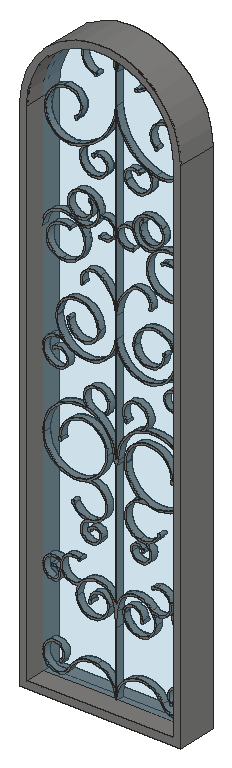
Revit family "Decorative", category Windows, host Wall, Revit 2013 (continued)
Automatic sketch dimensions
  Extrusion 9 sketch curve to Extrusion 9 sketch curve = 0' - 0 11/16"
  plane 3 "Center (Left/Right)" to Extrusion 9 sketch curve = 0' - 1.12424"
  Extrusion 9 sketch curve to Extrusion 9 sketch curve = 0' - 0.23537"
  Extrusion 10 sketch curve to Extrusion 10 sketch curve = 0' - 0"  (x12)
  Extrusion 10 sketch curve to plane 4 "Left" = 0' - 5.5075"
  Extrusion 10 sketch curve to Extrusion 10 sketch curve = 0' - 0.02116"
  Extrusion 10 sketch curve to Extrusion 10 sketch curve = 0' - 0.20443"
  Extrusion 10 sketch curve to plane 4 "Left" = 0' - 5 7/8"
  Extrusion 10 sketch curve to Extrusion 10 sketch curve = 0' - 1.94918"
  Extrusion 10 sketch curve to Extrusion 10 sketch curve = 0' - 0.51824"
  Extrusion 10 sketch curve to Extrusion 10 sketch curve = 0' - 0.68487"
  Extrusion 10 sketch curve to Extrusion 10 sketch curve = 0' - 0.54156"
  Extrusion 10 sketch curve to Extrusion 10 sketch curve = 0' - 0.05399"
  Extrusion 10 sketch curve to plane 6 "Sill" = 1' - 11.49957"
  Extrusion 10 sketch curve to Extrusion 10 sketch curve = 0' - 0.2441"
  Extrusion 10 sketch curve to Extrusion 10 sketch curve = 0' - 1.26013"
  Extrusion 11 sketch curve to Extrusion 11 sketch curve = 0' - 0"  (x6)
  Extrusion 11 sketch curve to plane 3 "Center (Left/Right)" = 0' - 4.55003"
  Extrusion 11 sketch curve to Extrusion 11 sketch curve = 0' - 0.52644"
  Extrusion 11 sketch curve to Extrusion 11 sketch curve = 0' - 0.01605"
  Extrusion 11 sketch curve to Extrusion 11 sketch curve = 0' - 0.54612"
  Extrusion 11 sketch curve to Extrusion 11 sketch curve = 0' - 0.22187"
  Extrusion 11 sketch curve to Extrusion 11 sketch curve = 0' - 0.06506"
  Extrusion 11 sketch curve to Extrusion 11 sketch curve = 0' - 0.56891"
  Extrusion 11 sketch curve to Extrusion 11 sketch curve = 0' - 0.75482"
  Extrusion 11 sketch curve to Extrusion 11 sketch curve = 0' - 0.24506"
  Extrusion 11 sketch curve to plane 6 "Sill" = 1' - 9.79404"
  Extrusion 11 sketch curve to Extrusion 11 sketch curve = 0' - 0.04948"
  Extrusion 12 sketch curve to Extrusion 12 sketch curve = 0' - 0"  (x9)
  Extrusion 12 sketch curve to plane 3 "Center (Left/Right)" = 0' - 0 1/8"
  plane 6 "Sill" to Extrusion 12 sketch curve = 2' - 8.42107"
  Extrusion 12 sketch curve to plane 5 "Right" = 0' - 1"
  Extrusion 12 sketch curve to Extrusion 12 sketch curve = 0' - 0 1/4"
  Extrusion 12 sketch curve to Extrusion 12 sketch curve = 0' - 2 1/4"
  Extrusion 12 sketch curve to Extrusion 12 sketch curve = 0' - 0 1/8"
  Extrusion 12 sketch curve to Extrusion 12 sketch curve = 0' - 0 9/16"
  Extrusion 12 sketch curve to Extrusion 12 sketch curve = 0' - 0 11/16"
  plane 3 "Center (Left/Right)" to Extrusion 12 sketch curve = 0' - 1.12424"
  Extrusion 12 sketch curve to Extrusion 12 sketch curve = 0' - 0.23537"
  Extrusion 13 sketch curve to Extrusion 13 sketch curve = 0' - 0"  (x12)
  Extrusion 13 sketch curve to plane 5 "Right" = 0' - 5.5075"
  Extrusion 13 sketch curve to Extrusion 13 sketch curve = 0' - 0.02116"
  Extrusion 13 sketch curve to Extrusion 13 sketch curve = 0' - 0.20443"
  Extrusion 13 sketch curve to plane 5 "Right" = 0' - 5 7/8"
  Extrusion 13 sketch curve to Extrusion 13 sketch curve = 0' - 1.94918"
  Extrusion 13 sketch curve to Extrusion 13 sketch curve = 0' - 0.51824"
  Extrusion 13 sketch curve to Extrusion 13 sketch curve = 0' - 0.68487"
  Extrusion 13 sketch curve to Extrusion 13 sketch curve = 0' - 0.54156"
  Extrusion 13 sketch curve to Extrusion 13 sketch curve = 0' - 0.05399"
  plane 6 "Sill" to Extrusion 13 sketch curve = 1' - 11.49957"
  Extrusion 13 sketch curve to Extrusion 13 sketch curve = 0' - 0.2441"
  Extrusion 13 sketch curve to Extrusion 13 sketch curve = 0' - 1.26013"
  Extrusion 14 sketch curve to Extrusion 14 sketch curve = 0' - 0"  (x6)
  Extrusion 14 sketch curve to plane 3 "Center (Left/Right)" = 0' - 4.55003"
  Extrusion 14 sketch curve to Extrusion 14 sketch curve = 0' - 0.52644"
  Extrusion 14 sketch curve to Extrusion 14 sketch curve = 0' - 0.01605"
  Extrusion 14 sketch curve to Extrusion 14 sketch curve = 0' - 0.54612"
  Extrusion 14 sketch curve to Extrusion 14 sketch curve = 0' - 0.22187"
  Extrusion 14 sketch curve to Extrusion 14 sketch curve = 0' - 0.06506"
  Extrusion 14 sketch curve to Extrusion 14 sketch curve = 0' - 0.56891"
  Extrusion 14 sketch curve to Extrusion 14 sketch curve = 0' - 0.75482"
  Extrusion 14 sketch curve to Extrusion 14 sketch curve = 0' - 0.24506"
  plane 6 "Sill" to Extrusion 14 sketch curve = 1' - 9.79404"
  Extrusion 14 sketch curve to Extrusion 14 sketch curve = 0' - 0.04948"
  Extrusion 15 sketch curve to Extrusion 15 sketch curve = 0' - 0"  (x3)
  plane 3 "Center (Left/Right)" to Extrusion 15 sketch curve = 0' - 0 1/8"
  Extrusion 15 sketch curve to plane 7 "Top" = 0' - 7.17825"
  Extrusion 15 sketch curve to plane 3 "Center (Left/Right)" = 0' - 1.56308"
  Extrusion 15 sketch curve to Extrusion 15 sketch curve = 0' - 0.24995"
  Extrusion 15 sketch curve to Extrusion 15 sketch curve = 0' - 2.28059"
  Extrusion 15 sketch curve to Extrusion 15 sketch curve = 0' - 0.37973"
  Extrusion 15 sketch curve to Extrusion 15 sketch curve = 0' - 0.19831"  (x2)
  Extrusion 15 sketch curve to Extrusion 15 sketch curve = 0' - 0.91747"
  Extrusion 15 sketch curve to Extrusion 15 sketch curve = 0' - 1.59981"
  Extrusion 16 sketch curve to Extrusion 16 sketch curve = 0' - 0"  (x3)
  plane 3 "Center (Left/Right)" to Extrusion 16 sketch curve = 0' - 0 1/8"
  plane 7 "Top" to Extrusion 16 sketch curve = 0' - 7.17825"
  Extrusion 16 sketch curve to plane 3 "Center (Left/Right)" = 0' - 1.56308"
  Extrusion 16 sketch curve to Extrusion 16 sketch curve = 0' - 0.24995"
  Extrusion 16 sketch curve to Extrusion 16 sketch curve = 0' - 2.28059"
  Extrusion 16 sketch curve to Extrusion 16 sketch curve = 0' - 0.37973"
  Extrusion 16 sketch curve to Extrusion 16 sketch curve = 0' - 0.19831"  (x2)
  Extrusion 16 sketch curve to Extrusion 16 sketch curve = 0' - 0.91747"
  Extrusion 16 sketch curve to Extrusion 16 sketch curve = 0' - 1.59981"
  Extrusion 17 sketch curve to Extrusion 17 sketch curve = 0' - 0"  (x8)
  Extrusion 17 sketch curve to plane 3 "Center (Left/Right)" = 0' - 0 1/8"
  plane 7 "Top" to Extrusion 17 sketch curve = 2' - 6.05595"
  Extrusion 17 sketch curve to plane 4 "Left" = 0' - 2.96662"
  Extrusion 17 sketch curve to Extrusion 17 sketch curve = 0' - 0 1/4"
  Extrusion 17 sketch curve to Extrusion 17 sketch curve = 0' - 1 1/2"
  Extrusion 17 sketch curve to Extrusion 17 sketch curve = 0' - 0 1/8"
  Extrusion 17 sketch curve to Extrusion 17 sketch curve = 0' - 1 1/4"
  Extrusion 17 sketch curve to Extrusion 17 sketch curve = 0' - 0.45419"
  Extrusion 17 sketch curve to Extrusion 17 sketch curve = 0' - 0.18175"
  Extrusion 18 sketch curve to Extrusion 18 sketch curve = 0' - 0"  (x6)
  Extrusion 18 sketch curve to plane 4 "Left" = 0' - 2.67555"
  Extrusion 18 sketch curve to Extrusion 18 sketch curve = 0' - 0.09805"
  Extrusion 18 sketch curve to Extrusion 18 sketch curve = 0' - 0.219"
  Extrusion 18 sketch curve to Extrusion 18 sketch curve = 0' - 0.32798"
  Extrusion 18 sketch curve to Extrusion 18 sketch curve = 0' - 0.25321"
  Extrusion 18 sketch curve to Extrusion 18 sketch curve = 0' - 0.39238"
  Extrusion 18 sketch curve to Extrusion 18 sketch curve = 0' - 1.11383"
  Extrusion 18 sketch curve to Extrusion 18 sketch curve = 0' - 0.08166"
  Extrusion 18 sketch curve to Extrusion 18 sketch curve = 0' - 0.41342"
  Extrusion 18 sketch curve to Extrusion 18 sketch curve = 0' - 2.56081"
  plane 7 "Top" to Extrusion 18 sketch curve = 2' - 11 35/64"
  Extrusion 18 sketch curve to Extrusion 18 sketch curve = 0' - 0.23629"
  Extrusion 19 sketch curve to Extrusion 19 sketch curve = 0' - 0"  (x8)
  Extrusion 19 sketch curve to plane 3 "Center (Left/Right)" = 0' - 0 1/8"
  Extrusion 19 sketch curve to plane 7 "Top" = 2' - 6.05595"
  Extrusion 19 sketch curve to plane 5 "Right" = 0' - 2.96662"
  Extrusion 19 sketch curve to Extrusion 19 sketch curve = 0' - 0 1/4"
  Extrusion 19 sketch curve to Extrusion 19 sketch curve = 0' - 1 1/2"
  Extrusion 19 sketch curve to Extrusion 19 sketch curve = 0' - 0 1/8"
  Extrusion 19 sketch curve to Extrusion 19 sketch curve = 0' - 1 1/4"
  Extrusion 19 sketch curve to Extrusion 19 sketch curve = 0' - 0.45419"
  Extrusion 19 sketch curve to Extrusion 19 sketch curve = 0' - 0.18175"
  Extrusion 20 sketch curve to Extrusion 20 sketch curve = 0' - 0"  (x6)
  Extrusion 20 sketch curve to plane 5 "Right" = 0' - 2.67555"
  Extrusion 20 sketch curve to Extrusion 20 sketch curve = 0' - 0.09805"
  Extrusion 20 sketch curve to Extrusion 20 sketch curve = 0' - 0.219"
  Extrusion 20 sketch curve to Extrusion 20 sketch curve = 0' - 0.32798"
  Extrusion 20 sketch curve to Extrusion 20 sketch curve = 0' - 0.25321"
  Extrusion 20 sketch curve to Extrusion 20 sketch curve = 0' - 0.39238"
  Extrusion 20 sketch curve to Extrusion 20 sketch curve = 0' - 1.11383"
  Extrusion 20 sketch curve to Extrusion 20 sketch curve = 0' - 0.08166"
  Extrusion 20 sketch curve to Extrusion 20 sketch curve = 0' - 0.41342"
  Extrusion 20 sketch curve to Extrusion 20 sketch curve = 0' - 2.56081"
  Extrusion 20 sketch curve to plane 7 "Top" = 2' - 11 35/64"
  Extrusion 20 sketch curve to Extrusion 20 sketch curve = 0' - 0.23629"
  Extrusion 21 sketch curve to Extrusion 21 sketch curve = 0' - 0"  (x2)
  Extrusion 21 sketch curve to plane 3 "Center (Left/Right)" = 0' - 5 9/16"
  Extrusion 21 sketch curve to plane 3 "Center (Left/Right)" = 0' - 4.38962"
  Extrusion 21 sketch curve to Extrusion 21 sketch curve = 0' - 0 177/256"
  Extrusion 21 sketch curve to Extrusion 21 sketch curve = 0' - 0.74783"
  Extrusion 21 sketch curve to plane 3 "Center (Left/Right)" = 0' - 1.52489"
  Extrusion 21 sketch curve to Extrusion 21 sketch curve = 0' - 0.01951"
  Extrusion 21 sketch curve to Extrusion 21 sketch curve = 0' - 0.18695"
  Extrusion 21 sketch curve to plane 6 "Sill" = 2' - 9 1/4"
  Extrusion 21 sketch curve to Extrusion 21 sketch curve = 0' - 5.10792"
  Extrusion 21 sketch curve to Extrusion 21 sketch curve = 0' - 0.38925"
  Extrusion 22 sketch curve to Extrusion 22 sketch curve = 0' - 0"  (x2)
  Extrusion 22 sketch curve to plane 3 "Center (Left/Right)" = 0' - 5 9/16"
  Extrusion 22 sketch curve to plane 3 "Center (Left/Right)" = 0' - 4.38962"
  Extrusion 22 sketch curve to Extrusion 22 sketch curve = 0' - 0 177/256"
  Extrusion 22 sketch curve to Extrusion 22 sketch curve = 0' - 0.74783"
  Extrusion 22 sketch curve to plane 3 "Center (Left/Right)" = 0' - 1.52489"
  Extrusion 22 sketch curve to Extrusion 22 sketch curve = 0' - 0.01951"
  Extrusion 22 sketch curve to Extrusion 22 sketch curve = 0' - 0.18695"
  plane 6 "Sill" to Extrusion 22 sketch curve = 2' - 9 1/4"
  Extrusion 22 sketch curve to Extrusion 22 sketch curve = 0' - 5.10792"
  Extrusion 22 sketch curve to Extrusion 22 sketch curve = 0' - 0.38925"
  Extrusion 23 sketch curve to Extrusion 23 sketch curve = 0' - 0"  (x6)
  plane 5 "Right" to Extrusion 23 sketch curve = 0' - 1"
  plane 7 "Top" to Extrusion 23 sketch curve = 1' - 5 1/4"
  Extrusion 23 sketch curve to Extrusion 23 sketch curve = 0' - 4.08144"
  Extrusion 23 sketch curve to Extrusion 23 sketch curve = 0' - 0.08319"
  Extrusion 23 sketch curve to Extrusion 23 sketch curve = 0' - 0.17662"
  Extrusion 23 sketch curve to Extrusion 23 sketch curve = 0' - 0.7908"
  Extrusion 23 sketch curve to Extrusion 23 sketch curve = 0' - 0.06035"
  Extrusion 23 sketch curve to Extrusion 23 sketch curve = 0' - 0.16113"
  Extrusion 23 sketch curve to Extrusion 23 sketch curve = 0' - 0.01769"
  Extrusion 23 sketch curve to Extrusion 23 sketch curve = 0' - 0.99225"
  Extrusion 24 sketch curve to Extrusion 24 sketch curve = 0' - 0"  (x6)
  plane 3 "Center (Left/Right)" to Extrusion 24 sketch curve = 0' - 3.76289"
  Extrusion 24 sketch curve to Extrusion 24 sketch curve = 0' - 0.19222"
  Extrusion 24 sketch curve to Extrusion 24 sketch curve = 0' - 0.01705"
  Extrusion 24 sketch curve to Extrusion 24 sketch curve = 0' - 0.92437"
  Extrusion 24 sketch curve to Extrusion 24 sketch curve = 0' - 0.45063"
  Extrusion 24 sketch curve to Extrusion 24 sketch curve = 0' - 0.50203"
  Extrusion 24 sketch curve to Extrusion 24 sketch curve = 0' - 0.48244"
  Extrusion 24 sketch curve to Extrusion 24 sketch curve = 0' - 1 3/8"
  Extrusion 24 sketch curve to Extrusion 24 sketch curve = 0' - 0.20927"
  Extrusion 24 sketch curve to Extrusion 24 sketch curve = 0' - 2.00498"
  plane 7 "Top" to Extrusion 24 sketch curve = 1' - 5.57419"
  Extrusion 24 sketch curve to Extrusion 24 sketch curve = 0' - 2.28974"
  Extrusion 25 sketch curve to Extrusion 25 sketch curve = 0' - 0"  (x2)
  plane 3 "Center (Left/Right)" to Extrusion 25 sketch curve = 0' - 1.7607"
  Extrusion 25 sketch curve to Extrusion 25 sketch curve = 0' - 0.52446"
  Extrusion 25 sketch curve to Extrusion 25 sketch curve = 0' - 0.09414"
  Extrusion 25 sketch curve to Extrusion 25 sketch curve = 0' - 0.07674"
  Extrusion 25 sketch curve to Extrusion 25 sketch curve = 0' - 0.70932"
  Extrusion 25 sketch curve to Extrusion 25 sketch curve = 0' - 0.03819"
  Extrusion 25 sketch curve to Extrusion 25 sketch curve = 0' - 2.42652"
  plane 7 "Top" to Extrusion 25 sketch curve = 1' - 4.05605"
  Extrusion 25 sketch curve to Extrusion 25 sketch curve = 0' - 0.16613"
  Extrusion 25 sketch curve to Extrusion 25 sketch curve = 0' - 1.2902"
  Extrusion 26 sketch curve to Extrusion 26 sketch curve = 0' - 0"  (x6)
  plane 4 "Left" to Extrusion 26 sketch curve = 0' - 1"
  Extrusion 26 sketch curve to plane 7 "Top" = 1' - 5 1/4"
  Extrusion 26 sketch curve to Extrusion 26 sketch curve = 0' - 4.08144"
  Extrusion 26 sketch curve to Extrusion 26 sketch curve = 0' - 0.08319"
  Extrusion 26 sketch curve to Extrusion 26 sketch curve = 0' - 0.17662"
  Extrusion 26 sketch curve to Extrusion 26 sketch curve = 0' - 0.7908"
  Extrusion 26 sketch curve to Extrusion 26 sketch curve = 0' - 0.06035"
  Extrusion 26 sketch curve to Extrusion 26 sketch curve = 0' - 0.16113"
  Extrusion 26 sketch curve to Extrusion 26 sketch curve = 0' - 0.01769"
  Extrusion 26 sketch curve to Extrusion 26 sketch curve = 0' - 0.99225"
  Extrusion 27 sketch curve to Extrusion 27 sketch curve = 0' - 0"  (x6)
  plane 3 "Center (Left/Right)" to Extrusion 27 sketch curve = 0' - 3.76289"
  Extrusion 27 sketch curve to Extrusion 27 sketch curve = 0' - 0.19222"
  Extrusion 27 sketch curve to Extrusion 27 sketch curve = 0' - 0.01705"
  Extrusion 27 sketch curve to Extrusion 27 sketch curve = 0' - 0.92437"
  Extrusion 27 sketch curve to Extrusion 27 sketch curve = 0' - 0.45063"
  Extrusion 27 sketch curve to Extrusion 27 sketch curve = 0' - 0.50203"
  Extrusion 27 sketch curve to Extrusion 27 sketch curve = 0' - 0.48244"
  Extrusion 27 sketch curve to Extrusion 27 sketch curve = 0' - 1 3/8"
  Extrusion 27 sketch curve to Extrusion 27 sketch curve = 0' - 0.20927"
  Extrusion 27 sketch curve to Extrusion 27 sketch curve = 0' - 2.00498"
  Extrusion 27 sketch curve to plane 7 "Top" = 1' - 5.57419"
  Extrusion 27 sketch curve to Extrusion 27 sketch curve = 0' - 2.28974"
  Extrusion 28 sketch curve to Extrusion 28 sketch curve = 0' - 0"  (x2)
  plane 3 "Center (Left/Right)" to Extrusion 28 sketch curve = 0' - 1.7607"
  Extrusion 28 sketch curve to Extrusion 28 sketch curve = 0' - 0.52446"
  Extrusion 28 sketch curve to Extrusion 28 sketch curve = 0' - 0.09414"
  Extrusion 28 sketch curve to Extrusion 28 sketch curve = 0' - 0.07674"
  Extrusion 28 sketch curve to Extrusion 28 sketch curve = 0' - 0.70932"
  Extrusion 28 sketch curve to Extrusion 28 sketch curve = 0' - 0.03819"
  Extrusion 28 sketch curve to Extrusion 28 sketch curve = 0' - 2.42652"
  Extrusion 28 sketch curve to plane 7 "Top" = 1' - 4.05605"
  Extrusion 28 sketch curve to Extrusion 28 sketch curve = 0' - 0.16613"
  Extrusion 28 sketch curve to Extrusion 28 sketch curve = 0' - 1.2902"
  Extrusion 29 sketch curve to Extrusion 29 sketch curve = 0' - 0"  (x6)
  Extrusion 29 sketch curve to plane 3 "Center (Left/Right)" = 0' - 0 1/8"
  plane 7 "Top" to Extrusion 29 sketch curve = 2' - 1 1/2"
  Extrusion 29 sketch curve to Extrusion 29 sketch curve = 0' - 5.73879"
  Extrusion 29 sketch curve to Extrusion 29 sketch curve = 0' - 0.61019"
  Extrusion 29 sketch curve to Extrusion 29 sketch curve = 0' - 0.15004"
  Extrusion 29 sketch curve to Extrusion 29 sketch curve = 0' - 0.09596"
  Extrusion 29 sketch curve to Extrusion 29 sketch curve = 0' - 1.58902"
  Extrusion 29 sketch curve to Extrusion 29 sketch curve = 0' - 0.95512"
  Extrusion 29 sketch curve to Extrusion 29 sketch curve = 0' - 0.14787"
  Extrusion 29 sketch curve to Extrusion 29 sketch curve = 0' - 1.40489"
  Extrusion 30 sketch curve to Extrusion 30 sketch curve = 0' - 0"  (x6)
  Extrusion 30 sketch curve to plane 3 "Center (Left/Right)" = 0' - 0 1/8"
  Extrusion 30 sketch curve to plane 7 "Top" = 2' - 1 1/2"
  Extrusion 30 sketch curve to Extrusion 30 sketch curve = 0' - 5.73879"
  Extrusion 30 sketch curve to Extrusion 30 sketch curve = 0' - 0.61019"
  Extrusion 30 sketch curve to Extrusion 30 sketch curve = 0' - 0.15004"
  Extrusion 30 sketch curve to Extrusion 30 sketch curve = 0' - 0.09596"
  Extrusion 30 sketch curve to Extrusion 30 sketch curve = 0' - 1.58902"
  Extrusion 30 sketch curve to Extrusion 30 sketch curve = 0' - 0.95512"
  Extrusion 30 sketch curve to Extrusion 30 sketch curve = 0' - 0.14787"
  Extrusion 30 sketch curve to Extrusion 30 sketch curve = 0' - 1.40489"
  Extrusion 31 sketch curve to Extrusion 31 sketch curve = 0' - 0"  (x9)
  Extrusion 31 sketch curve to plane 3 "Center (Left/Right)" = 0' - 0 1/8"
  Extrusion 31 sketch curve to plane 7 "Top" = 0' - 0.87295"
  Extrusion 31 sketch curve to plane 4 "Left" = 0' - 4.1257"
  Extrusion 31 sketch curve to Extrusion 31 sketch curve = 0' - 0.06068"
  Extrusion 31 sketch curve to Extrusion 31 sketch curve = 0' - 0.06066"
  Extrusion 31 sketch curve to plane 7 "Top" = 0' - 0.4833"
  Extrusion 31 sketch curve to Extrusion 31 sketch curve = 0' - 0.47315"
  plane 7 "Top" to Extrusion 31 sketch curve = 0' - 1.14149"
  Extrusion 31 sketch curve to Extrusion 31 sketch curve = 0' - 0.40635"
  Extrusion 31 sketch curve to Extrusion 31 sketch curve = 0' - 0.87951"
  Extrusion 31 sketch curve to Extrusion 31 sketch curve = 0' - 0.93262"
  Extrusion 31 sketch curve to Extrusion 31 sketch curve = 0' - 0.06578"
  Extrusion 31 sketch curve to Extrusion 31 sketch curve = 0' - 0.1768"
  Extrusion 32 sketch curve to Extrusion 32 sketch curve = 0' - 0"  (x6)
  Extrusion 32 sketch curve to plane 4 "Left" = 0' - 4.1257"
  Extrusion 32 sketch curve to plane 3 "Center (Left/Right)" = 0' - 5.02022"
  Extrusion 32 sketch curve to Extrusion 32 sketch curve = 0' - 0.83496"
  Extrusion 32 sketch curve to Extrusion 32 sketch curve = 0' - 0.8155"
  Extrusion 32 sketch curve to Extrusion 32 sketch curve = 0' - 0.09206"
  Extrusion 32 sketch curve to Extrusion 32 sketch curve = 0' - 0.12976"
  Extrusion 32 sketch curve to Extrusion 32 sketch curve = 0' - 0.24516"
  Extrusion 32 sketch curve to Extrusion 32 sketch curve = 0' - 0.69764"
  Extrusion 32 sketch curve to Extrusion 32 sketch curve = 0' - 1.04645"
  Extrusion 32 sketch curve to Extrusion 32 sketch curve = 0' - 0.22177"
  plane 7 "Top" to Extrusion 32 sketch curve = 0' - 7.00547"
  Extrusion 32 sketch curve to Extrusion 32 sketch curve = 0' - 0.1154"
  Extrusion 33 sketch curve to Extrusion 33 sketch curve = 0' - 0"  (x9)
  Extrusion 33 sketch curve to plane 3 "Center (Left/Right)" = 0' - 0 1/8"
  plane 7 "Top" to Extrusion 33 sketch curve = 0' - 0.87295"
  Extrusion 33 sketch curve to plane 5 "Right" = 0' - 4.1257"
  Extrusion 33 sketch curve to Extrusion 33 sketch curve = 0' - 0.06068"
  Extrusion 33 sketch curve to Extrusion 33 sketch curve = 0' - 0.06066"
  plane 7 "Top" to Extrusion 33 sketch curve = 0' - 0.4833"
  Extrusion 33 sketch curve to Extrusion 33 sketch curve = 0' - 0.47315"
  Extrusion 33 sketch curve to plane 7 "Top" = 0' - 1.14149"
  Extrusion 33 sketch curve to Extrusion 33 sketch curve = 0' - 0.40635"
  Extrusion 33 sketch curve to Extrusion 33 sketch curve = 0' - 0.87951"
  Extrusion 33 sketch curve to Extrusion 33 sketch curve = 0' - 0.93262"
  Extrusion 33 sketch curve to Extrusion 33 sketch curve = 0' - 0.06578"
  Extrusion 33 sketch curve to Extrusion 33 sketch curve = 0' - 0.1768"
  Extrusion 34 sketch curve to Extrusion 34 sketch curve = 0' - 0"  (x6)
  Extrusion 34 sketch curve to plane 5 "Right" = 0' - 4.1257"
  Extrusion 34 sketch curve to plane 3 "Center (Left/Right)" = 0' - 5.02022"
  Extrusion 34 sketch curve to Extrusion 34 sketch curve = 0' - 0.83496"
  Extrusion 34 sketch curve to Extrusion 34 sketch curve = 0' - 0.8155"
  Extrusion 34 sketch curve to Extrusion 34 sketch curve = 0' - 0.09206"
  Extrusion 34 sketch curve to Extrusion 34 sketch curve = 0' - 0.12976"
  Extrusion 34 sketch curve to Extrusion 34 sketch curve = 0' - 0.24516"
  Extrusion 34 sketch curve to Extrusion 34 sketch curve = 0' - 0.69764"
  Extrusion 34 sketch curve to Extrusion 34 sketch curve = 0' - 1.04645"
  Extrusion 34 sketch curve to Extrusion 34 sketch curve = 0' - 0.22177"
  Extrusion 34 sketch curve to plane 7 "Top" = 0' - 7.00547"
  Extrusion 34 sketch curve to Extrusion 34 sketch curve = 0' - 0.1154"
  Extrusion 35 sketch curve to Extrusion 35 sketch curve = 0' - 0"  (x2)
  plane 3 "Center (Left/Right)" to Extrusion 35 sketch curve = 0' - 0 1/8"
  Extrusion 35 sketch curve to plane 6 "Sill" = 0' - 1"
  plane 5 "Right" to Extrusion 35 sketch curve = 0' - 1"
  plane 3 "Center (Left/Right)" to Extrusion 35 sketch curve = 0' - 2.89548"
  Extrusion 35 sketch curve to plane 6 "Sill" = 0' - 1.07505"
  Extrusion 35 sketch curve to Extrusion 35 sketch curve = 0' - 0.78807"
  Extrusion 35 sketch curve to plane 6 "Sill" = 0' - 2.81195"
  Extrusion 35 sketch curve to Extrusion 35 sketch curve = 0' - 2.01155"
  Extrusion 35 sketch curve to Extrusion 35 sketch curve = 0' - 2.57105"
  Extrusion 36 sketch curve to Extrusion 36 sketch curve = 0' - 0"  (x2)
  plane 3 "Center (Left/Right)" to Extrusion 36 sketch curve = 0' - 0 1/8"
  plane 6 "Sill" to Extrusion 36 sketch curve = 0' - 1"
  plane 4 "Left" to Extrusion 36 sketch curve = 0' - 1"
  plane 3 "Center (Left/Right)" to Extrusion 36 sketch curve = 0' - 2.89548"
  plane 6 "Sill" to Extrusion 36 sketch curve = 0' - 1.07505"
  Extrusion 36 sketch curve to Extrusion 36 sketch curve = 0' - 0.78807"
  plane 6 "Sill" to Extrusion 36 sketch curve = 0' - 2.81195"
  Extrusion 36 sketch curve to Extrusion 36 sketch curve = 0' - 2.01155"
  Extrusion 36 sketch curve to Extrusion 36 sketch curve = 0' - 2.57105"
  Extrusion 37 sketch curve to Extrusion 37 sketch curve = 0' - 0"  (x24)
  plane 3 "Center (Left/Right)" to Extrusion 37 sketch curve = 0' - 0 1/8"
  Extrusion 37 sketch curve to plane 6 "Sill" = 0' - 2.43439"
  plane 5 "Right" to Extrusion 37 sketch curve = 0' - 1"
  plane 4 "Left" to Extrusion 37 sketch curve = 0' - 8.91878"
  plane 3 "Center (Left/Right)" to Extrusion 37 sketch curve = 0' - 0 1/4"
  Extrusion 37 sketch curve to Extrusion 37 sketch curve = 0' - 0 3/4"
  Extrusion 37 sketch curve to Extrusion 37 sketch curve = 0' - 0 1/4"  (x2)
  Extrusion 37 sketch curve to Extrusion 37 sketch curve = 0' - 1 1/4"
  plane 3 "Center (Left/Right)" to Extrusion 37 sketch curve = 0' - 2.84012"
  Extrusion 37 sketch curve to Extrusion 37 sketch curve = 0' - 0 1/2"
  Extrusion 37 sketch curve to plane 6 "Sill" = 0' - 1.07505"
  plane 3 "Center (Left/Right)" to Extrusion 37 sketch curve = 0' - 3.68355"
  Extrusion 37 sketch curve to Extrusion 37 sketch curve = 0' - 0.09456"
  Extrusion 37 sketch curve to Extrusion 37 sketch curve = 0' - 0.69942"
  Extrusion 37 sketch curve to plane 6 "Sill" = 0' - 2.92361"
  Extrusion 37 sketch curve to Extrusion 37 sketch curve = 0' - 1.00819"
  Extrusion 37 sketch curve to Extrusion 37 sketch curve = 0' - 0.17829"
  Extrusion 37 sketch curve to Extrusion 37 sketch curve = 0' - 0.23539"
  Extrusion 37 sketch curve to Extrusion 37 sketch curve = 0' - 1.9289"
  Extrusion 37 sketch curve to Extrusion 37 sketch curve = 0' - 0.6011"
  Extrusion 37 sketch curve to Extrusion 37 sketch curve = 0' - 0.4118"
  Extrusion 37 sketch curve to Extrusion 37 sketch curve = 0' - 0.97619"
  Extrusion 37 sketch curve to Extrusion 37 sketch curve = 0' - 0.01603"
  Extrusion 37 sketch curve to Extrusion 37 sketch curve = 0' - 0.03536"
  Extrusion 37 sketch curve to Extrusion 37 sketch curve = 0' - 0.14328"
  Extrusion 37 sketch curve to Extrusion 37 sketch curve = 0' - 0.18596"
  Extrusion 37 sketch curve to Extrusion 37 sketch curve = 0' - 0.21009"
  Extrusion 37 sketch curve to Extrusion 37 sketch curve = 0' - 0.05993"
  Extrusion 37 sketch curve to Extrusion 37 sketch curve = 0' - 0.75846"
  Extrusion 37 sketch curve to Extrusion 37 sketch curve = 0' - 0.14985"
  Extrusion 37 sketch curve to plane 6 "Sill" = 0' - 3.84664"
  Extrusion 37 sketch curve to Extrusion 37 sketch curve = 0' - 5.91308"
  Extrusion 37 sketch curve to Extrusion 37 sketch curve = 0' - 0.97399"
  Extrusion 37 sketch curve to Extrusion 37 sketch curve = 0' - 0.23518"
  Extrusion 37 sketch curve to Extrusion 37 sketch curve = 0' - 1.65489"
  Extrusion 38 sketch curve to Extrusion 38 sketch curve = 0' - 0"  (x40)
  plane 3 "Center (Left/Right)" to Extrusion 38 sketch curve = 0' - 0 1/8"
  Extrusion 38 sketch curve to plane 6 "Sill" = 1' - 1.85696"
  plane 5 "Right" to Extrusion 38 sketch curve = 0' - 1"
  Extrusion 38 sketch curve to plane 3 "Center (Left/Right)" = 0' - 1.12424"
  plane 3 "Center (Left/Right)" to Extrusion 38 sketch curve = 0' - 0 3/8"
  Extrusion 38 sketch curve to Extrusion 38 sketch curve = 0' - 0 7/8"
  Extrusion 38 sketch curve to Extrusion 38 sketch curve = 0' - 0 1/4"
  plane 3 "Center (Left/Right)" to Extrusion 38 sketch curve = 0' - 2.16787"
  Extrusion 38 sketch curve to Extrusion 38 sketch curve = 0' - 0.24506"
  Extrusion 38 sketch curve to Extrusion 38 sketch curve = 0' - 2 7/8"
  Extrusion 38 sketch curve to Extrusion 38 sketch curve = 0' - 0.75482"
  Extrusion 38 sketch curve to Extrusion 38 sketch curve = 0' - 0.24062"
  Extrusion 38 sketch curve to Extrusion 38 sketch curve = 0' - 0.05399"
  Extrusion 38 sketch curve to Extrusion 38 sketch curve = 0' - 0.56891"
  Extrusion 38 sketch curve to Extrusion 38 sketch curve = 0' - 0.06506"
  plane 3 "Center (Left/Right)" to Extrusion 38 sketch curve = 0' - 3.83728"
  Extrusion 38 sketch curve to Extrusion 38 sketch curve = 0' - 0.59555"
  Extrusion 38 sketch curve to Extrusion 38 sketch curve = 0' - 0.20582"
  Extrusion 38 sketch curve to Extrusion 38 sketch curve = 0' - 0.01605"
  Extrusion 38 sketch curve to Extrusion 38 sketch curve = 0' - 0.68487"
  Extrusion 38 sketch curve to Extrusion 38 sketch curve = 0' - 0.54612"
  Extrusion 38 sketch curve to Extrusion 38 sketch curve = 0' - 3 3/8"
  Extrusion 38 sketch curve to Extrusion 38 sketch curve = 0' - 2.38406"
  Extrusion 38 sketch curve to Extrusion 38 sketch curve = 0' - 0.16756"
  Extrusion 38 sketch curve to Extrusion 38 sketch curve = 0' - 0 11/16"
  Extrusion 38 sketch curve to Extrusion 38 sketch curve = 0' - 0.1089"
  Extrusion 38 sketch curve to Extrusion 38 sketch curve = 0' - 0.19805"
  Extrusion 38 sketch curve to Extrusion 38 sketch curve = 0' - 0 9/16"
  Extrusion 38 sketch curve to Extrusion 38 sketch curve = 0' - 1.71687"
  Extrusion 38 sketch curve to Extrusion 38 sketch curve = 0' - 0.97081"
  Extrusion 38 sketch curve to Extrusion 38 sketch curve = 0' - 0.20443"
  Extrusion 38 sketch curve to Extrusion 38 sketch curve = 0' - 0.02116"
  Extrusion 38 sketch curve to Extrusion 38 sketch curve = 0' - 1.87006"
  Extrusion 38 sketch curve to Extrusion 38 sketch curve = 0' - 1.05106"
  Extrusion 38 sketch curve to Extrusion 38 sketch curve = 0' - 1.51296"
  Extrusion 38 sketch curve to Extrusion 38 sketch curve = 1' - 6.56412"
  Extrusion 38 sketch curve to Extrusion 38 sketch curve = 0' - 0.85696"
  Extrusion 38 sketch curve to Extrusion 38 sketch curve = 0' - 0.01896"
  Extrusion 38 sketch curve to Extrusion 38 sketch curve = 0' - 1.39206"
  Extrusion 38 sketch curve to Extrusion 38 sketch curve = 0' - 3.76177"
  Extrusion 38 sketch curve to Extrusion 38 sketch curve = 0' - 0.04948"
  Extrusion 38 sketch curve to Extrusion 38 sketch curve = 0' - 0.23537"
  Extrusion 39 sketch curve to Extrusion 39 sketch curve = 0' - 0"  (x14)
  plane 3 "Center (Left/Right)" to Extrusion 39 sketch curve = 0' - 0 1/8"
  plane 5 "Right" to Extrusion 39 sketch curve = 0' - 1"
  plane 7 "Top" to Extrusion 39 sketch curve = 2' - 9.57446"
  plane 3 "Center (Left/Right)" to Extrusion 39 sketch curve = 0' - 1.31843"
  Extrusion 39 sketch curve to Extrusion 39 sketch curve = 0' - 0.18695"
  Extrusion 39 sketch curve to Extrusion 39 sketch curve = 0' - 0.01951"
  Extrusion 39 sketch curve to Extrusion 39 sketch curve = 0' - 1.4255"
  Extrusion 39 sketch curve to Extrusion 39 sketch curve = 0' - 0.74783"
  Extrusion 39 sketch curve to Extrusion 39 sketch curve = 0' - 0 177/256"
  plane 3 "Center (Left/Right)" to Extrusion 39 sketch curve = 0' - 4.45419"
  Extrusion 39 sketch curve to Extrusion 39 sketch curve = 0' - 5 7/16"
  Extrusion 39 sketch curve to Extrusion 39 sketch curve = 0' - 3.27822"
  Extrusion 39 sketch curve to Extrusion 39 sketch curve = 0' - 2.94977"
  Extrusion 39 sketch curve to Extrusion 39 sketch curve = 0' - 0.08166"
  Extrusion 39 sketch curve to Extrusion 39 sketch curve = 0' - 0.39238"
  Extrusion 39 sketch curve to Extrusion 39 sketch curve = 0' - 0.25321"
  Extrusion 39 sketch curve to Extrusion 39 sketch curve = 0' - 0.32798"
  Extrusion 39 sketch curve to Extrusion 39 sketch curve = 0' - 0.12095"
  Extrusion 39 sketch curve to Extrusion 39 sketch curve = 0' - 0.09805"
  Extrusion 39 sketch curve to Extrusion 39 sketch curve = 0' - 3.51851"
  Extrusion 39 sketch curve to Extrusion 39 sketch curve = 1' - 2.69405"
  Extrusion 39 sketch curve to Extrusion 39 sketch curve = 0' - 0.38925"
  Extrusion 39 sketch curve to Extrusion 39 sketch curve = 0' - 1.97242"
  Extrusion 40 sketch curve to Extrusion 40 sketch curve = 0' - 0"  (x23)
  plane 3 "Center (Left/Right)" to Extrusion 40 sketch curve = 0' - 0 1/8"  (x2)
  plane 5 "Right" to Extrusion 40 sketch curve = 0' - 1"
  plane 7 "Top" to Extrusion 40 sketch curve = 2' - 9.31067"
  Extrusion 40 sketch curve to Extrusion 40 sketch curve = 0' - 1.6357"
  Extrusion 40 sketch curve to Extrusion 40 sketch curve = 0' - 0.52446"
  plane 3 "Center (Left/Right)" to Extrusion 40 sketch curve = 0' - 2.31559"
  Extrusion 40 sketch curve to Extrusion 40 sketch curve = 0' - 0.09414"
  Extrusion 40 sketch curve to Extrusion 40 sketch curve = 0' - 0.07674"
  Extrusion 40 sketch curve to Extrusion 40 sketch curve = 0' - 0.14787"
  Extrusion 40 sketch curve to Extrusion 40 sketch curve = 0' - 0.74751"
  Extrusion 40 sketch curve to Extrusion 40 sketch curve = 0' - 2.40838"
  Extrusion 40 sketch curve to Extrusion 40 sketch curve = 0' - 0 1/4"
  Extrusion 40 sketch curve to Extrusion 40 sketch curve = 0' - 0.95512"
  Extrusion 40 sketch curve to Extrusion 40 sketch curve = 0' - 1.67081"
  Extrusion 40 sketch curve to Extrusion 40 sketch curve = 0' - 2.38832"
  Extrusion 40 sketch curve to Extrusion 40 sketch curve = 0' - 0.45419"
  Extrusion 40 sketch curve to Extrusion 40 sketch curve = 0' - 1.58902"
  Extrusion 40 sketch curve to Extrusion 40 sketch curve = 0' - 0.09596"
  Extrusion 40 sketch curve to Extrusion 40 sketch curve = 0' - 0.15004"
  Extrusion 40 sketch curve to Extrusion 40 sketch curve = 0' - 0.50203"
  Extrusion 40 sketch curve to Extrusion 40 sketch curve = 0' - 0 7/8"
  Extrusion 40 sketch curve to Extrusion 40 sketch curve = 0' - 0.08041"
  Extrusion 40 sketch curve to Extrusion 40 sketch curve = 0' - 1.52"
  Extrusion 40 sketch curve to Extrusion 40 sketch curve = 0' - 0.08319"
  Extrusion 40 sketch curve to Extrusion 40 sketch curve = 0' - 0.17662"
  Extrusion 40 sketch curve to Extrusion 40 sketch curve = 0' - 0.7908"
  Extrusion 40 sketch curve to Extrusion 40 sketch curve = 0' - 0.06035"
  Extrusion 40 sketch curve to Extrusion 40 sketch curve = 0' - 0.16113"
  Extrusion 40 sketch curve to Extrusion 40 sketch curve = 0' - 0.6708"
  Extrusion 40 sketch curve to Extrusion 40 sketch curve = 0' - 0.01769"
  Extrusion 40 sketch curve to Extrusion 40 sketch curve = 0' - 0.6649"
  Extrusion 40 sketch curve to Extrusion 40 sketch curve = 0' - 4.74707"
  Extrusion 40 sketch curve to Extrusion 40 sketch curve = 0' - 3.0636"
  Extrusion 40 sketch curve to Extrusion 40 sketch curve = 0' - 1.40489"
  Extrusion 40 sketch curve to Extrusion 40 sketch curve = 0' - 5.59151"
  Extrusion 40 sketch curve to Extrusion 40 sketch curve = 0' - 6.31959"
  Extrusion 40 sketch curve to Extrusion 40 sketch curve = 0' - 0.18175"
  Extrusion 40 sketch curve to Extrusion 40 sketch curve = 0' - 1.89494"
  Extrusion 40 sketch curve to Extrusion 40 sketch curve = 0' - 1.37"
  Extrusion 40 sketch curve to Extrusion 40 sketch curve = 0' - 0.16613"
  plane 3 "Center (Left/Right)" to Extrusion 41 sketch curve = 0' - 0.12035"
  plane 5 "Right" to Extrusion 41 sketch curve = 0' - 1"
  plane 7 "Top" to Extrusion 41 sketch curve = 1' - 4.25775"
  plane 3 "Center (Left/Right)" to Extrusion 41 sketch curve = 0' - 0.12497"
  Extrusion 41 sketch curve to plane 3 "Center (Left/Right)" = 0' - 1.56308"
  Extrusion 41 sketch curve to plane 7 "Top" = 0' - 0"
  Extrusion 41 sketch curve to plane 3 "Center (Left/Right)" = 0' - 0"
  plane 3 "Center (Left/Right)" to Extrusion 41 sketch curve = 0' - 0.37495"
  Extrusion 41 sketch curve to Extrusion 41 sketch curve = 0' - 0"  (x7)
  plane 3 "Center (Left/Right)" to Extrusion 41 sketch curve = 0' - 1.31085"
  Extrusion 41 sketch curve to Extrusion 41 sketch curve = 0' - 0.00085"
  Extrusion 41 sketch curve to Extrusion 41 sketch curve = 0' - 0.22225"
  Extrusion 41 sketch curve to Extrusion 41 sketch curve = 0' - 0.00043"
  Extrusion 41 sketch curve to Extrusion 41 sketch curve = 0' - 1.64118"
  Extrusion 41 sketch curve to Extrusion 41 sketch curve = 0' - 0.70871"
  Extrusion 41 sketch curve to Extrusion 41 sketch curve = 0' - 1.04542"
  Extrusion 41 sketch curve to Extrusion 41 sketch curve = 0' - 0.00056"
  Extrusion 41 sketch curve to Extrusion 41 sketch curve = 0' - 2.28059"
  Extrusion 41 sketch curve to Extrusion 41 sketch curve = 0' - 0.37973"
  Extrusion 41 sketch curve to Extrusion 41 sketch curve = 0' - 0.54471"
  Extrusion 41 sketch curve to Extrusion 41 sketch curve = 0' - 0.19831"  (x2)
  Extrusion 41 sketch curve to Extrusion 41 sketch curve = 0' - 0.11537"
  Extrusion 41 sketch curve to Extrusion 41 sketch curve = 0' - 0.15299"
  Extrusion 41 sketch curve to Extrusion 41 sketch curve = 0' - 0.00108"
  Extrusion 41 sketch curve to Extrusion 41 sketch curve = 0' - 0.12993"
  Extrusion 41 sketch curve to Extrusion 41 sketch curve = 0' - 0.72395"
  Extrusion 41 sketch curve to Extrusion 41 sketch curve = 0' - 1.29272"
  Extrusion 41 sketch curve to Extrusion 41 sketch curve = 0' - 0.19218"
  Extrusion 41 sketch curve to Extrusion 41 sketch curve = 0' - 0.01704"
  Extrusion 41 sketch curve to Extrusion 41 sketch curve = 0' - 0.94496"
  Extrusion 41 sketch curve to Extrusion 41 sketch curve = 0' - 0.92436"
  Extrusion 41 sketch curve to Extrusion 41 sketch curve = 0' - 0.00011"
  Extrusion 41 sketch curve to Extrusion 41 sketch curve = 0' - 0.83713"
  Extrusion 41 sketch curve to Extrusion 41 sketch curve = 0' - 0.45052"
  Extrusion 41 sketch curve to Extrusion 41 sketch curve = 0' - 0.00003"
  plane 7 "Top" to Extrusion 41 sketch curve = 0' - 1.04611"
  Extrusion 41 sketch curve to Extrusion 41 sketch curve = 0' - 1.51287"
  Extrusion 41 sketch curve to Extrusion 41 sketch curve = 0' - 0.78287"
  Extrusion 41 sketch curve to Extrusion 41 sketch curve = 0' - 0.17714"
  Extrusion 41 sketch curve to Extrusion 41 sketch curve = 0' - 0.98435"
  Extrusion 41 sketch curve to Extrusion 41 sketch curve = 0' - 0.06572"
  Extrusion 41 sketch curve to Extrusion 41 sketch curve = 0' - 0.18906"
  Extrusion 41 sketch curve to Extrusion 41 sketch curve = 0' - 1 3/8"
  Extrusion 41 sketch curve to Extrusion 41 sketch curve = 0' - 0.93216"
  Extrusion 41 sketch curve to Extrusion 41 sketch curve = 0' - 0.00069"
  Extrusion 41 sketch curve to Extrusion 41 sketch curve = 0' - 0.20929"
  Extrusion 41 sketch curve to plane 7 "Top" = 0' - 0.48359"
  Extrusion 41 sketch curve to Extrusion 41 sketch curve = 0' - 0.4061"
  Extrusion 41 sketch curve to Extrusion 41 sketch curve = 0' - 0.00094"
  Extrusion 41 sketch curve to Extrusion 41 sketch curve = 0' - 0.47312"
  Extrusion 41 sketch curve to Extrusion 41 sketch curve = 0' - 0.05998"
  Extrusion 41 sketch curve to Extrusion 41 sketch curve = 0' - 0.05986"
  Extrusion 41 sketch curve to Extrusion 41 sketch curve = 0' - 0.00148"
  Extrusion 41 sketch curve to Extrusion 41 sketch curve = 0' - 0.00006"
  Extrusion 41 sketch curve to Extrusion 41 sketch curve = 0' - 2.00498"
  Extrusion 41 sketch curve to Extrusion 41 sketch curve = 0' - 1.77319"
  Extrusion 41 sketch curve to plane 7 "Top" = 0' - 0.88815"
  Extrusion 41 sketch curve to Extrusion 41 sketch curve = 0' - 1.86185"
  Extrusion 41 sketch curve to Extrusion 41 sketch curve = 0' - 4.42819"
  Extrusion 41 sketch curve to Extrusion 41 sketch curve = 0' - 1.31644"
  Extrusion 41 sketch curve to Extrusion 41 sketch curve = 0' - 0.04949"
  Extrusion 41 sketch curve to Extrusion 41 sketch curve = 0' - 1.94602"
  Extrusion 41 sketch curve to Extrusion 41 sketch curve = 0' - 0.00009"
  Extrusion 41 sketch curve to Extrusion 41 sketch curve = 0' - 2.14317"
  Extrusion 41 sketch curve to Extrusion 41 sketch curve = 0' - 0.00104"
  Extrusion 41 sketch curve to Extrusion 41 sketch curve = 0' - 0.11451"
  Extrusion 41 sketch curve to Extrusion 41 sketch curve = 0' - 0.00042"
  Extrusion 41 sketch curve to Extrusion 41 sketch curve = 0' - 0.54483"
  Extrusion 41 sketch curve to Extrusion 41 sketch curve = 0' - 0.00067"
  Extrusion 41 sketch curve to Extrusion 41 sketch curve = 0' - 0.68432"
  Extrusion 41 sketch curve to Extrusion 41 sketch curve = 0' - 0.0034"
  Extrusion 41 sketch curve to Extrusion 41 sketch curve = 0' - 0.20387"
  Extrusion 41 sketch curve to Extrusion 41 sketch curve = 0' - 1.59976"
  Extrusion 41 sketch curve to Extrusion 41 sketch curve = 0' - 0.12878"
  Extrusion 42 sketch curve to plane 3 "Center (Left/Right)" = 0' - 0 1/8"
  plane 3 "Center (Left/Right)" to Extrusion 42 sketch curve = 0' - 0 1/8"
  Extrusion 42 sketch curve to plane 7 "Top" = 0' - 8.09572"
  Extrusion 42 sketch curve to plane 3 "Center (Left/Right)" = 0' - 3.3795"
  Extrusion 42 sketch curve to Extrusion 42 sketch curve = 0' - 0.72396"
  Extrusion 42 sketch curve to plane 3 "Center (Left/Right)" = 0' - 0"
  Extrusion 42 sketch curve to Extrusion 42 sketch curve = 0' - 2.53054"
  Extrusion 42 sketch curve to Extrusion 42 sketch curve = 0' - 0.72395"
  Extrusion 42 sketch curve to plane 7 "Top" = 0' - 0"
  Extrusion 42 sketch curve to Extrusion 42 sketch curve = 0' - 0.05308"
  Extrusion 43 sketch curve to Extrusion 43 sketch curve = 0' - 0"  (x24)
  plane 3 "Center (Left/Right)" to Extrusion 43 sketch curve = 0' - 0 1/8"
  plane 6 "Sill" to Extrusion 43 sketch curve = 0' - 2.43439"
  plane 4 "Left" to Extrusion 43 sketch curve = 0' - 1"
  plane 5 "Right" to Extrusion 43 sketch curve = 0' - 8.91878"
  plane 3 "Center (Left/Right)" to Extrusion 43 sketch curve = 0' - 0 1/4"
  Extrusion 43 sketch curve to Extrusion 43 sketch curve = 0' - 0 3/4"
  Extrusion 43 sketch curve to Extrusion 43 sketch curve = 0' - 0 1/4"  (x2)
  Extrusion 43 sketch curve to Extrusion 43 sketch curve = 0' - 1 1/4"
  plane 3 "Center (Left/Right)" to Extrusion 43 sketch curve = 0' - 2.84012"
  Extrusion 43 sketch curve to Extrusion 43 sketch curve = 0' - 0 1/2"
  plane 6 "Sill" to Extrusion 43 sketch curve = 0' - 1.07505"
  plane 3 "Center (Left/Right)" to Extrusion 43 sketch curve = 0' - 3.68355"
  Extrusion 43 sketch curve to Extrusion 43 sketch curve = 0' - 0.09456"
  Extrusion 43 sketch curve to Extrusion 43 sketch curve = 0' - 0.69942"
  plane 6 "Sill" to Extrusion 43 sketch curve = 0' - 2.92361"
  Extrusion 43 sketch curve to Extrusion 43 sketch curve = 0' - 1.00819"
  Extrusion 43 sketch curve to Extrusion 43 sketch curve = 0' - 0.17829"
  Extrusion 43 sketch curve to Extrusion 43 sketch curve = 0' - 0.23539"
  Extrusion 43 sketch curve to Extrusion 43 sketch curve = 0' - 1.9289"
  Extrusion 43 sketch curve to Extrusion 43 sketch curve = 0' - 0.6011"
  Extrusion 43 sketch curve to Extrusion 43 sketch curve = 0' - 0.4118"
  Extrusion 43 sketch curve to Extrusion 43 sketch curve = 0' - 0.97619"
  Extrusion 43 sketch curve to Extrusion 43 sketch curve = 0' - 0.01603"
  Extrusion 43 sketch curve to Extrusion 43 sketch curve = 0' - 0.03536"
  Extrusion 43 sketch curve to Extrusion 43 sketch curve = 0' - 0.14328"
  Extrusion 43 sketch curve to Extrusion 43 sketch curve = 0' - 0.18596"
  Extrusion 43 sketch curve to Extrusion 43 sketch curve = 0' - 0.21009"
  Extrusion 43 sketch curve to Extrusion 43 sketch curve = 0' - 0.05993"
  Extrusion 43 sketch curve to Extrusion 43 sketch curve = 0' - 0.75846"
  Extrusion 43 sketch curve to Extrusion 43 sketch curve = 0' - 0.14985"
  plane 6 "Sill" to Extrusion 43 sketch curve = 0' - 3.84664"
  Extrusion 43 sketch curve to Extrusion 43 sketch curve = 0' - 5.91308"
  Extrusion 43 sketch curve to Extrusion 43 sketch curve = 0' - 0.97399"
  Extrusion 43 sketch curve to Extrusion 43 sketch curve = 0' - 0.23518"
  Extrusion 43 sketch curve to Extrusion 43 sketch curve = 0' - 1.65489"
  Extrusion 44 sketch curve to Extrusion 44 sketch curve = 0' - 0"  (x40)
  plane 3 "Center (Left/Right)" to Extrusion 44 sketch curve = 0' - 0 1/8"
  plane 6 "Sill" to Extrusion 44 sketch curve = 1' - 1.85696"
  plane 4 "Left" to Extrusion 44 sketch curve = 0' - 1"
  Extrusion 44 sketch curve to plane 3 "Center (Left/Right)" = 0' - 1.12424"
  plane 3 "Center (Left/Right)" to Extrusion 44 sketch curve = 0' - 0 3/8"
  Extrusion 44 sketch curve to Extrusion 44 sketch curve = 0' - 0 7/8"
  Extrusion 44 sketch curve to Extrusion 44 sketch curve = 0' - 0 1/4"
  plane 3 "Center (Left/Right)" to Extrusion 44 sketch curve = 0' - 2.16787"
  Extrusion 44 sketch curve to Extrusion 44 sketch curve = 0' - 0.24506"
  Extrusion 44 sketch curve to Extrusion 44 sketch curve = 0' - 2 7/8"
  Extrusion 44 sketch curve to Extrusion 44 sketch curve = 0' - 0.75482"
  Extrusion 44 sketch curve to Extrusion 44 sketch curve = 0' - 0.24062"
  Extrusion 44 sketch curve to Extrusion 44 sketch curve = 0' - 0.05399"
  Extrusion 44 sketch curve to Extrusion 44 sketch curve = 0' - 0.56891"
  Extrusion 44 sketch curve to Extrusion 44 sketch curve = 0' - 0.06506"
  plane 3 "Center (Left/Right)" to Extrusion 44 sketch curve = 0' - 3.83728"
  Extrusion 44 sketch curve to Extrusion 44 sketch curve = 0' - 0.59555"
  Extrusion 44 sketch curve to Extrusion 44 sketch curve = 0' - 0.20582"
  Extrusion 44 sketch curve to Extrusion 44 sketch curve = 0' - 0.01605"
  Extrusion 44 sketch curve to Extrusion 44 sketch curve = 0' - 0.68487"
  Extrusion 44 sketch curve to Extrusion 44 sketch curve = 0' - 0.54612"
  Extrusion 44 sketch curve to Extrusion 44 sketch curve = 0' - 3 3/8"
  Extrusion 44 sketch curve to Extrusion 44 sketch curve = 0' - 2.38406"
  Extrusion 44 sketch curve to Extrusion 44 sketch curve = 0' - 0.16756"
  Extrusion 44 sketch curve to Extrusion 44 sketch curve = 0' - 0 11/16"
  Extrusion 44 sketch curve to Extrusion 44 sketch curve = 0' - 0.1089"
  Extrusion 44 sketch curve to Extrusion 44 sketch curve = 0' - 0.19805"
  Extrusion 44 sketch curve to Extrusion 44 sketch curve = 0' - 0 9/16"
  Extrusion 44 sketch curve to Extrusion 44 sketch curve = 0' - 1.71687"
  Extrusion 44 sketch curve to Extrusion 44 sketch curve = 0' - 0.97081"
  Extrusion 44 sketch curve to Extrusion 44 sketch curve = 0' - 0.20443"
  Extrusion 44 sketch curve to Extrusion 44 sketch curve = 0' - 0.02116"
  Extrusion 44 sketch curve to Extrusion 44 sketch curve = 0' - 1.87006"
  Extrusion 44 sketch curve to Extrusion 44 sketch curve = 0' - 1.05106"
  Extrusion 44 sketch curve to Extrusion 44 sketch curve = 0' - 1.51296"
  Extrusion 44 sketch curve to Extrusion 44 sketch curve = 1' - 6.56412"
  Extrusion 44 sketch curve to Extrusion 44 sketch curve = 0' - 0.85696"
  Extrusion 44 sketch curve to Extrusion 44 sketch curve = 0' - 0.01896"
  Extrusion 44 sketch curve to Extrusion 44 sketch curve = 0' - 1.39206"
  Extrusion 44 sketch curve to Extrusion 44 sketch curve = 0' - 3.76177"
  Extrusion 44 sketch curve to Extrusion 44 sketch curve = 0' - 0.04948"
  Extrusion 44 sketch curve to Extrusion 44 sketch curve = 0' - 0.23537"
  Extrusion 45 sketch curve to Extrusion 45 sketch curve = 0' - 0"  (x14)
  plane 3 "Center (Left/Right)" to Extrusion 45 sketch curve = 0' - 0 1/8"
  plane 4 "Left" to Extrusion 45 sketch curve = 0' - 1"
  Extrusion 45 sketch curve to plane 7 "Top" = 2' - 9.57446"
  plane 3 "Center (Left/Right)" to Extrusion 45 sketch curve = 0' - 1.31843"
  Extrusion 45 sketch curve to Extrusion 45 sketch curve = 0' - 0.18695"
  Extrusion 45 sketch curve to Extrusion 45 sketch curve = 0' - 0.01951"
  Extrusion 45 sketch curve to Extrusion 45 sketch curve = 0' - 1.4255"
  Extrusion 45 sketch curve to Extrusion 45 sketch curve = 0' - 0.74783"
  Extrusion 45 sketch curve to Extrusion 45 sketch curve = 0' - 0 177/256"
  plane 3 "Center (Left/Right)" to Extrusion 45 sketch curve = 0' - 4.45419"
  Extrusion 45 sketch curve to Extrusion 45 sketch curve = 0' - 5 7/16"
  Extrusion 45 sketch curve to Extrusion 45 sketch curve = 0' - 3.27822"
  Extrusion 45 sketch curve to Extrusion 45 sketch curve = 0' - 2.94977"
  Extrusion 45 sketch curve to Extrusion 45 sketch curve = 0' - 0.08166"
  Extrusion 45 sketch curve to Extrusion 45 sketch curve = 0' - 0.39238"
  Extrusion 45 sketch curve to Extrusion 45 sketch curve = 0' - 0.25321"
  Extrusion 45 sketch curve to Extrusion 45 sketch curve = 0' - 0.32798"
  Extrusion 45 sketch curve to Extrusion 45 sketch curve = 0' - 0.12095"
  Extrusion 45 sketch curve to Extrusion 45 sketch curve = 0' - 0.09805"
  Extrusion 45 sketch curve to Extrusion 45 sketch curve = 0' - 3.51851"
  Extrusion 45 sketch curve to Extrusion 45 sketch curve = 1' - 2.69405"
  Extrusion 45 sketch curve to Extrusion 45 sketch curve = 0' - 0.38925"
  Extrusion 45 sketch curve to Extrusion 45 sketch curve = 0' - 1.97242"
  Extrusion 46 sketch curve to Extrusion 46 sketch curve = 0' - 0"  (x23)
  plane 3 "Center (Left/Right)" to Extrusion 46 sketch curve = 0' - 0 1/8"  (x2)
  plane 4 "Left" to Extrusion 46 sketch curve = 0' - 1"
  Extrusion 46 sketch curve to plane 7 "Top" = 2' - 9.31067"
  Extrusion 46 sketch curve to Extrusion 46 sketch curve = 0' - 1.6357"
  Extrusion 46 sketch curve to Extrusion 46 sketch curve = 0' - 0.52446"
  plane 3 "Center (Left/Right)" to Extrusion 46 sketch curve = 0' - 2.31559"
  Extrusion 46 sketch curve to Extrusion 46 sketch curve = 0' - 0.09414"
  Extrusion 46 sketch curve to Extrusion 46 sketch curve = 0' - 0.07674"
  Extrusion 46 sketch curve to Extrusion 46 sketch curve = 0' - 0.14787"
  Extrusion 46 sketch curve to Extrusion 46 sketch curve = 0' - 0.74751"
  Extrusion 46 sketch curve to Extrusion 46 sketch curve = 0' - 2.40838"
  Extrusion 46 sketch curve to Extrusion 46 sketch curve = 0' - 0 1/4"
  Extrusion 46 sketch curve to Extrusion 46 sketch curve = 0' - 0.95512"
  Extrusion 46 sketch curve to Extrusion 46 sketch curve = 0' - 1.67081"
  Extrusion 46 sketch curve to Extrusion 46 sketch curve = 0' - 2.38832"
  Extrusion 46 sketch curve to Extrusion 46 sketch curve = 0' - 0.45419"
  Extrusion 46 sketch curve to Extrusion 46 sketch curve = 0' - 1.58902"
  Extrusion 46 sketch curve to Extrusion 46 sketch curve = 0' - 0.09596"
  Extrusion 46 sketch curve to Extrusion 46 sketch curve = 0' - 0.15004"
  Extrusion 46 sketch curve to Extrusion 46 sketch curve = 0' - 0.50203"
  Extrusion 46 sketch curve to Extrusion 46 sketch curve = 0' - 0 7/8"
  Extrusion 46 sketch curve to Extrusion 46 sketch curve = 0' - 0.08041"
  Extrusion 46 sketch curve to Extrusion 46 sketch curve = 0' - 1.52"
  Extrusion 46 sketch curve to Extrusion 46 sketch curve = 0' - 0.08319"
  Extrusion 46 sketch curve to Extrusion 46 sketch curve = 0' - 0.17662"
  Extrusion 46 sketch curve to Extrusion 46 sketch curve = 0' - 0.7908"
  Extrusion 46 sketch curve to Extrusion 46 sketch curve = 0' - 0.06035"
  Extrusion 46 sketch curve to Extrusion 46 sketch curve = 0' - 0.16113"
  Extrusion 46 sketch curve to Extrusion 46 sketch curve = 0' - 0.6708"
  Extrusion 46 sketch curve to Extrusion 46 sketch curve = 0' - 0.01769"
  Extrusion 46 sketch curve to Extrusion 46 sketch curve = 0' - 0.6649"
  Extrusion 46 sketch curve to Extrusion 46 sketch curve = 0' - 4.74707"
  Extrusion 46 sketch curve to Extrusion 46 sketch curve = 0' - 3.0636"
  Extrusion 46 sketch curve to Extrusion 46 sketch curve = 0' - 1.40489"
  Extrusion 46 sketch curve to Extrusion 46 sketch curve = 0' - 5.59151"
  Extrusion 46 sketch curve to Extrusion 46 sketch curve = 0' - 6.31959"
  Extrusion 46 sketch curve to Extrusion 46 sketch curve = 0' - 0.18175"
  Extrusion 46 sketch curve to Extrusion 46 sketch curve = 0' - 1.89494"
  Extrusion 46 sketch curve to Extrusion 46 sketch curve = 0' - 1.37"
  Extrusion 46 sketch curve to Extrusion 46 sketch curve = 0' - 0.16613"
  Extrusion 47 sketch curve to plane 3 "Center (Left/Right)" = 0' - 0.12035"
  Extrusion 47 sketch curve to plane 3 "Center (Left/Right)" = 0' - 0.12497"
  Extrusion 47 sketch curve to plane 7 "Top" = 0' - 7.1782"
  Extrusion 47 sketch curve to plane 7 "Top" = 0' - 0"
  Extrusion 47 sketch curve to plane 4 "Left" = 0' - 1"
  plane 3 "Center (Left/Right)" to Extrusion 47 sketch curve = 0' - 1.56308"
  plane 3 "Center (Left/Right)" to Extrusion 47 sketch curve = 0' - 0"
  Extrusion 47 sketch curve to plane 3 "Center (Left/Right)" = 0' - 0.37495"
  Extrusion 47 sketch curve to Extrusion 47 sketch curve = 0' - 0"  (x8)
  Extrusion 47 sketch curve to plane 3 "Center (Left/Right)" = 0' - 1.31085"
  Extrusion 47 sketch curve to Extrusion 47 sketch curve = 0' - 0.00085"
  Extrusion 47 sketch curve to Extrusion 47 sketch curve = 0' - 0.22225"
  Extrusion 47 sketch curve to Extrusion 47 sketch curve = 0' - 0.00043"
  Extrusion 47 sketch curve to Extrusion 47 sketch curve = 0' - 1.64118"
  Extrusion 47 sketch curve to Extrusion 47 sketch curve = 0' - 0.70871"
  Extrusion 47 sketch curve to Extrusion 47 sketch curve = 0' - 1.04542"
  Extrusion 47 sketch curve to Extrusion 47 sketch curve = 0' - 0.00056"
  Extrusion 47 sketch curve to Extrusion 47 sketch curve = 0' - 2.28059"
  Extrusion 47 sketch curve to Extrusion 47 sketch curve = 0' - 0.37973"
  Extrusion 47 sketch curve to Extrusion 47 sketch curve = 0' - 0.54471"
  Extrusion 47 sketch curve to Extrusion 47 sketch curve = 0' - 0.19831"  (x2)
  Extrusion 47 sketch curve to Extrusion 47 sketch curve = 0' - 0.11537"
  Extrusion 47 sketch curve to Extrusion 47 sketch curve = 0' - 0.15299"
  Extrusion 47 sketch curve to Extrusion 47 sketch curve = 0' - 0.00108"
  Extrusion 47 sketch curve to Extrusion 47 sketch curve = 0' - 0.24531"
  Extrusion 47 sketch curve to Extrusion 47 sketch curve = 0' - 0.72395"
  Extrusion 47 sketch curve to Extrusion 47 sketch curve = 0' - 1.29272"
  Extrusion 47 sketch curve to Extrusion 47 sketch curve = 0' - 0.19218"
  Extrusion 47 sketch curve to Extrusion 47 sketch curve = 0' - 0.01704"
  Extrusion 47 sketch curve to Extrusion 47 sketch curve = 0' - 0.94496"
  Extrusion 47 sketch curve to Extrusion 47 sketch curve = 0' - 0.92436"
  Extrusion 47 sketch curve to Extrusion 47 sketch curve = 0' - 0.00011"
  Extrusion 47 sketch curve to Extrusion 47 sketch curve = 0' - 0.83713"
  Extrusion 47 sketch curve to Extrusion 47 sketch curve = 0' - 0.45052"
  Extrusion 47 sketch curve to Extrusion 47 sketch curve = 0' - 0.00003"
  plane 7 "Top" to Extrusion 47 sketch curve = 0' - 1.04611"
  Extrusion 47 sketch curve to Extrusion 47 sketch curve = 0' - 1.51287"
  Extrusion 47 sketch curve to Extrusion 47 sketch curve = 0' - 0.78287"
  Extrusion 47 sketch curve to Extrusion 47 sketch curve = 0' - 0.17714"
  Extrusion 47 sketch curve to Extrusion 47 sketch curve = 0' - 0.98435"
  Extrusion 47 sketch curve to Extrusion 47 sketch curve = 0' - 0.24286"
  Extrusion 47 sketch curve to Extrusion 47 sketch curve = 0' - 0.18906"
  Extrusion 47 sketch curve to Extrusion 47 sketch curve = 0' - 1 3/8"
  Extrusion 47 sketch curve to Extrusion 47 sketch curve = 0' - 0.93216"
  Extrusion 47 sketch curve to Extrusion 47 sketch curve = 0' - 0.00069"
  Extrusion 47 sketch curve to Extrusion 47 sketch curve = 0' - 0.20929"
  Extrusion 47 sketch curve to plane 7 "Top" = 0' - 0.48359"
  Extrusion 47 sketch curve to Extrusion 47 sketch curve = 0' - 0.4061"
  Extrusion 47 sketch curve to Extrusion 47 sketch curve = 0' - 0.00094"
  Extrusion 47 sketch curve to Extrusion 47 sketch curve = 0' - 0.47312"
  Extrusion 47 sketch curve to Extrusion 47 sketch curve = 0' - 0.05998"
  Extrusion 47 sketch curve to Extrusion 47 sketch curve = 0' - 0.05986"
  Extrusion 47 sketch curve to Extrusion 47 sketch curve = 0' - 0.00148"
  Extrusion 47 sketch curve to Extrusion 47 sketch curve = 0' - 0.00006"
  Extrusion 47 sketch curve to Extrusion 47 sketch curve = 0' - 3.11402"
  Extrusion 47 sketch curve to plane 7 "Top" = 0' - 2 3/4"
  Extrusion 47 sketch curve to plane 7 "Top" = 0' - 0.88815"
  Extrusion 47 sketch curve to Extrusion 47 sketch curve = 0' - 9.62254"
  Extrusion 47 sketch curve to Extrusion 47 sketch curve = 0' - 1.77319"
  Extrusion 47 sketch curve to Extrusion 47 sketch curve = 0' - 0.95293"
  Extrusion 47 sketch curve to Extrusion 47 sketch curve = 0' - 0.24933"
  Extrusion 47 sketch curve to Extrusion 47 sketch curve = 0' - 0.00676"
  Extrusion 47 sketch curve to Extrusion 47 sketch curve = 0' - 0.00236"
  Extrusion 47 sketch curve to Extrusion 47 sketch curve = 0' - 0.83647"
  Extrusion 47 sketch curve to Extrusion 47 sketch curve = 0' - 0.20852"
  Extrusion 47 sketch curve to Extrusion 47 sketch curve = 0' - 0.68092"
  Extrusion 47 sketch curve to Extrusion 47 sketch curve = 0' - 0.0034"
  Extrusion 47 sketch curve to Extrusion 47 sketch curve = 0' - 0.36155"
  Extrusion 47 sketch curve to Extrusion 47 sketch curve = 0' - 0.00067"
  Extrusion 47 sketch curve to Extrusion 47 sketch curve = 0' - 2.97415"
  Extrusion 47 sketch curve to Extrusion 47 sketch curve = 0' - 0.06569"
  Extrusion 47 sketch curve to Extrusion 47 sketch curve = 0' - 0.89862"
  Extrusion 47 sketch curve to Extrusion 47 sketch curve = 0' - 0.00013"
